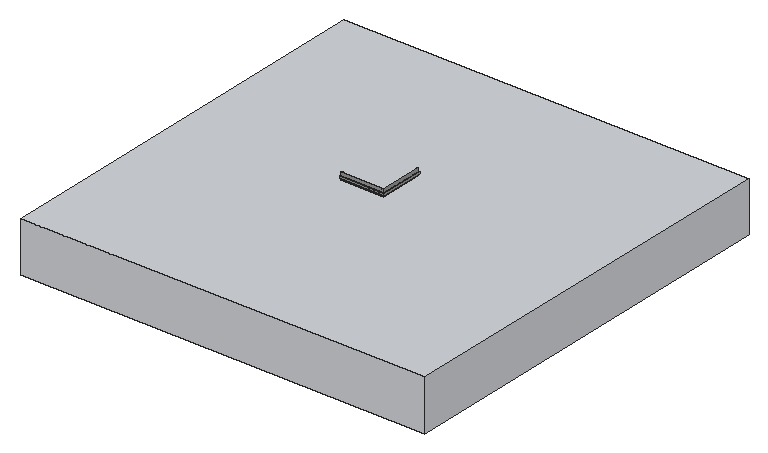
Revit family "LAMP_PUZZLE TR FRAME CORNER", category Modelos genéricos, Revit 2015
Parameters (values of type "Exterior L BLACK")
  Weight = 0.254 kg
  Recessed dimensions = "258 x 258"
  Product datasheet = "http://www.lamp.es/product-files/TECH/PUTRFRCRB-EN.pdf"
  Product code = "PUTRFRCRB"
  Modelo = Product code  # "PUTRFRCRB"
  Model explanation = "Availability of changing between standard frame Types when placed in a project."  # constant formula
  Material marco = LAMP_Aluminio frame Puzzle BL
  Manufacturer name = "LAMP"
  Manufacturer country = "Spain"
  Manufacturer URL = "http://www.lamp.es/en"
  Last update = "25/07/2018"
  Installation instructions = "http://www.lamp.es/product-files/INS/1001240-C-INSTR.%20MARCO%20OCULTO%20PUZZLE.pdf"
  Finish = "Shiny black"
  Fabricante = Manufacturer name  # "LAMP"
  Default Elevation = 1219.2 mm
  Distancia = 270.8 mm
  Dimensions = "270 x 270"
  Descripción = "PUZZLE ACC. HIDDEN FRAME 90º CORNER BK."
  Comentarios de tipo = Model explanation  # "Availability of changing between standard frame Types when placed in a project."
  Accessory Type = "Assembly"
Types (4, lengths in mm): name | Recessed dimensions | Product datasheet | Product code | Modelo | Material marco | Finish | Distancia | Dimensions | Descripción
  Exterior L BLACK | "258 x 258" | "http://www.lamp.es/product-files/TECH/PUTRFRCRB-EN.pdf" | "PUTRFRCRB" | "PUTRFRCRB" | LAMP_Aluminio frame Puzzle BL | "Shiny black" | 270.8 | "270 x 270" | "PUZZLE ACC. HIDDEN FRAME 90º CORNER BK."
  Exterior L WHITE | "258 x 258" | "http://www.lamp.es/product-files/TECH/PUTRFRCRW-EN.pdf" | "PUTRFRCRW" | "PUTRFRCRW" | LAMP_Aluminio frame Puzzle WH | "Shiny white" | 270.8 | "270 x 270" | "PUZZLE ACC. HIDDEN FRAME 90º CORNER WH."
  Interior L BLACK | "80,4 x 80,4" | "http://www.lamp.es/product-files/TECH/PUTRFRCRB-EN.pdf" | "PUTRFRCRB" | "PUTRFRCRB" | LAMP_Aluminio frame Puzzle BL | "Shiny black" | 92.4 | "92,4 x 92,4" | "PUZZLE ACC. HIDDEN FRAME 90º CORNER BK."
  Interior L WHITE | "80,4 x 80,4" | "http://www.lamp.es/product-files/TECH/PUTRFRCRW-EN.pdf" | "PUTRFRCRW" | "PUTRFRCRW" | LAMP_Aluminio frame Puzzle WH | "Shiny white" | 92.4 | "92,4 x 92,4" | "PUZZLE ACC. HIDDEN FRAME 90º CORNER WH."
Reference planes
  plane 1 "Centro (Frontal/Posterior)": y = 0
  plane 2: z = 0
  plane 3 "Centro (Izquierda/Derecha)": x = 0
Forms (mm)
  Extrusion 1, solid
    sketch origin (0, 0, 0) x (1, 0, 0) y (0, 1, 0)
      loop
        line (-1219.2, 1219.2) -> (-1219.2, -1219.2) -> (1219.2, -1219.2) -> (1219.2, 1219.2) -> (-1219.2, 1219.2)
    from 0 to -304.8
  Sweep 2, solid, material "LAMP_Aluminio frame Puzzle BL" <- "Material marco"
    path origin (0, 0, 0) x (1, 0, 0) y (0, 1, 0)
      loop
        line (-270.8, 0) -> (0, 0) -> (0, 270.8)
    profile origin (-135.4, 0, 0) x (0, 1, 0) y (0, 0, 1)
      loop
        line (0, 15.1) -> (4.8, 15.1) -> (4.8, 16.4) -> (1.3, 16.4) -> (1.3, 20) -> (12.2, 20) -> (12.2, 0) -> (13.5, 0) -> (13.5, 22.1) -> (23.5, 22.1) -> (23.5, 23.4) -> (13.5, 23.4) -> (13.5, 41.8) -> (12.2, 41.8) -> (12.2, 21.8) -> (1.3, 21.8) -> (1.3, 25.4) -> (4.8, 25.4) -> (4.8, 26.7) -> (0, 26.7) -> (0, 15.1)
Text (mm)
  text "Any modification of the parameters and properties of the LAMP BIM models must be executed and validated by the LAMP technical department.\n\nPhone: +34 93 736 68 00\n\nE-mail: lamp@lamp.es\n\n\n\nLAMP reserves the right to modify the technical specifications of its products." at (-22438.728, -12391.142, -6628.976), in view "Preview"
Dimensions and locks
  "Distancia": Sweep 2 sketch curve to Sweep 2 sketch curve  (x2)
  aligned and locked: plane 2 to Extrusion 1
  aligned and locked: level to Extrusion 1
Automatic sketch dimensions
  Extrusion 1 sketch curve to Extrusion 1 sketch curve = 2438.4 mm  (x2)
  Sweep 2 sketch curve to profile plane = 0 mm
  Sweep 2 sketch curve to level = 0 mm
  Sweep 2 sketch curve to profile plane = 1.3 mm  (x2)
  Sweep 2 sketch curve to Sweep 2 sketch curve = 3.5 mm  (x2)
  Sweep 2 sketch curve to Sweep 2 sketch curve = 7.4 mm
  Sweep 2 sketch curve to Sweep 2 sketch curve = 0 mm
  Sweep 2 sketch curve to Sweep 2 sketch curve = 1.3 mm  (x5)
  Sweep 2 sketch curve to Sweep 2 sketch curve = 10 mm
  level to Sweep 2 sketch curve = 15.1 mm
  Sweep 2 sketch curve to Sweep 2 sketch curve = 3.6 mm  (x2)
  Sweep 2 sketch curve to Sweep 2 sketch curve = 1.8 mm
  Sweep 2 sketch curve to Sweep 2 sketch curve = 0.3 mm
  Sweep 2 sketch curve to Sweep 2 sketch curve = 15.1 mm
  plane 1 "Centro (Frontal/Posterior)" to Sweep 2 sketch curve = 0 mm
  Sweep 2 sketch curve to plane 3 "Centro (Izquierda/Derecha)" = 0 mm
